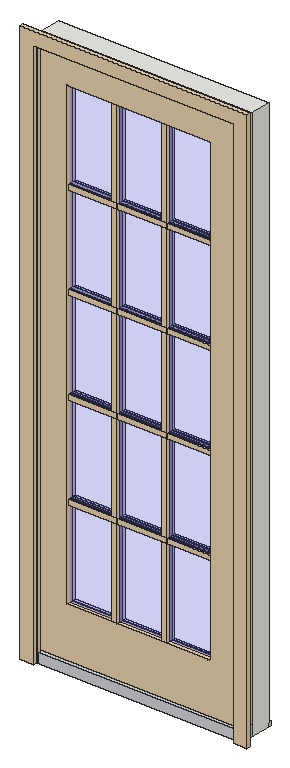
Revit family "Door-Inswing-Andersen-A_Series-Stationary 3", category Doors, host Wall, Revit 2013
Parameters
  Visual Light Transmittance = 0.37  # constant formula
  Type Comments = "Fiberglass-clad and Flexacron finished wood single door"  # constant formula
  Thermal Resistance (R) = 0.58703  # 3.3333 (h·ft²·°F)/BTU
  Solar Heat Gain Coefficient = 0.16  # constant formula
  Rough Width = Width + (Rough Opening Offset * 2)  # 3' - 0 3/4"
  Rough Height = if(1 > 0, Height + 0' 0 1/2", 0' 0")  # 8' - 0 1/2"
  Learn About These Parameters = "http://www.andersenwindows.com/for-professionals/cad-symbols-bim-support-window-doors/bim-support"
  Heat Transfer Coefficient (U) = 1.7035  # 0.3000 BTU/(h·ft²·°F)
  Grille Bar Sizes = "3/4'', 7/8'', 1 1/8'', 2 1/4''"  # constant formula
  Between Glass Grille Bar Sizes = "3/4'', 1''"  # constant formula
  Interior Trim Visibility = yes
  Grille Bar Size = 0' - 0 7/8"
  Enter Pattern Number = 1
  Analytic Construction = "<None>"
  ..Pattern Number 1 = "Colonial"  # constant formula
  . . Lights Wide = 3
  . . Lights High = 5
  ..Pattern Number 2 = "Modified Colonial"  # constant formula
  ..Pattern Number 3 = "Prairie"  # constant formula
  ..Pattern Number 4 = "Short Fractional"  # constant formula
  ..Pattern Number 5 = "Tall Fractional"  # constant formula
  Extension Jamb Visibility = yes
  Enter Exterior Trim Number = 0
  ..Exterior Trim Number 0 = "No Exterior Trim"  # constant formula
  ..Exterior Trim Number 1 = "Brick Mould"  # constant formula
  ..Exterior Trim Number 2 = "3 1/2'' Flat Casing"  # constant formula
  ..Exterior Trim Number 3 = "4 1/2'' Flat Casing"  # constant formula
  Interior Grille Bar Visibility = yes
  Exterior Grille Bar Visibility = yes
  Between Glass Grille Bar Visibility = yes
  xjamb Visibility [instance] = and(Extension Jamb Visibility, or(and(Wall Depth > 0' 4 9/16", Wall Depth < 0' 6 9/16"), Wall Depth > 0' 6 9/16"))  # no
  xjamb S1 [instance] = if(Wall Depth < 0' 4 5/8", 0' 0 1/16", if(Wall Depth = 0' 6 9/16", 0' 0 1/16", 0' 0"))  # 0' - 0 1/16"
  casingS2 = if(Enter Exterior Trim Number = 1, 0' 0 3/16", 0' 0 3/16")  # 0' - 0 3/16"
  casingS1 = if(Enter Exterior Trim Number = 1, 0' 0 7/16", 0' 0 3/16")  # 0' - 0 3/16"
  casing4 = if(Enter Exterior Trim Number = 1, 0' 1 3/4", if(Enter Exterior Trim Number = 2, 0' 3 1/4", 0' 4 1/4"))  # 0' - 4 1/4"
  casing3 = 0' - 0 1/2"  # constant formula
  casing2 = 0' - 0 7/8"  # constant formula
  casing1 = 0' - 0 1/4"  # constant formula
  Wall Thickness [instance] = 0' - 8"
  Wall Depth [instance] = 0' - 4 9/16"
  Void Offset 1 [instance] = if(Enter Exterior Trim Number > 0, casing4, 0' 0")  # 0' - 0"
  Void Depth [instance] = if(Wall Thickness > Wall Depth, 0' 1" + Wall Thickness - Wall Depth, 0' 1")  # 0' - 4 7/16"
  VGB DLO = if(Enter Pattern Number = 3, 0' 4", (H DLO - (Grille Bar Size * (V Bars))) / if(LWide > 2, LWide, 3))  # 0' - 7.66667"
  V Bars = if(Enter Pattern Number = 3, 2, if(LWide > 2, LWide - 1, 2))  # 2
  URL = "www.andersenwindows.com"
  TS V DLO = Height - HGO - SGO  # 6' - 7 7/8"
  TS V Bar Length = if(or(Enter Pattern Number = 5, Enter Pattern Number = 2), ((((Height - HGO - SGO - (Grille Bar Size * (Fractional Lights High - 1))) / Fractional Lights High)) * TFL) + (TFB * Grille Bar Size), if(Enter Pattern Number = 4, ((Height - HGO - SGO - (Grille Bar Size * (Fractional Lights High - 1))) / Fractional Lights High), Height - HGO - SGO))  # 6' - 7 7/8"
  TS SH DLO = if(or(Enter Pattern Number = 5, Enter Pattern Number = 2), ((((Height - HGO - SGO - (Grille Bar Size * (Fractional Lights High - 1))) / Fractional Lights High)) * TFL) + (TFB * Grille Bar Size) + HGO + (Grille Bar Size / 2), if(Enter Pattern Number = 4, TS V Bar Length + HGO + (Grille Bar Size / 2), (TS V DLO / 2) + HGO))  # 3' - 9 9/16"
  TS S V = or(and(LWide = 2, Enter Pattern Number = 1), and(Fractional Lights Wide = 2, or(or(Enter Pattern Number = 2, Enter Pattern Number = 4), Enter Pattern Number = 5)))  # no
  TS S H Craftsman = and(Enter Pattern Number = 2, or(Fractional Lights High = 4, Fractional Lights High = 5))  # no
  TS S H = or(or(or(and(. . Lights High = 2, Enter Pattern Number = 1), and(Enter Pattern Number = 4, Fractional Lights High > 1)), and(Enter Pattern Number = 5, Fractional Lights High > 1)), and(Enter Pattern Number = 2, Fractional Lights High > 1))  # no
  TS M V = or(or(or(or(or(and(LWide > 2, Enter Pattern Number = 1), and(LWide > 2, Enter Pattern Number = 2)), Enter Pattern Number = 3), Enter Pattern Number = 4), Enter Pattern Number = 5), and(LWide > 2, Enter Pattern Number = 6))  # yes
  TS M H = or(or(Enter Pattern Number = 3, and(. . Lights High > 2, Enter Pattern Number = 1)), and(Enter Pattern Number = 2, Fractional Lights High > 5))  # yes
  TS HGB DLO = if(Enter Pattern Number = 1, if(. . Lights High > 2, ((TS V Bar Length - (Grille Bar Size * (. . Lights High - 1))) / . . Lights High), 0' 4"), if(Enter Pattern Number = 3, 0' 4", if(Fractional Lights High > 2, ((TS V Bar Length - (Grille Bar Size * 2)) / 3), 0' 4")))  # 1' - 3.275"
  TS H Bars = if(Enter Pattern Number = 3, 2, if(Enter Pattern Number = 1, if(. . Lights High > 2, . . Lights High - 1, 2), 2))  # 4
  TFL = if(Fractional Lights High > 5, 3, if(or(Fractional Lights High = 4, Fractional Lights High = 5), 2, if(or(Fractional Lights High = 2, Fractional Lights High = 3), 1, 1)))  # 3
  TFB = TFL - 1  # 2
  Sill Interior Offset [instance] = 0' - 0"  # constant formula
  Sill Height [instance] = 0' - 1 11/16"  # constant formula
  Rough Opening Offset = 0' - 0 3/8"
  Panel Bottom Inset [instance] = 0' - 1 7/8"  # constant formula
  Sill Depth [instance] = 0' - 6 7/32"  # constant formula
  SGO = 0' - 10 1/2"  # constant formula
  Product Documentation Link = "http://www.andersenwindows.com/products/a-series-hinged-patio-door/"
  Panel Width = Width - 0' 1 3/16" - 0' 1 3/16"  # 2' - 9 5/8"
  Panel Height [instance] = CTRL Height - 0' 1 3/16" - Panel Bottom Inset  # 7' - 8 15/16"
  Nail Fin Visibility = Enter Exterior Trim Number = 0  # yes
  Model = "A-Series"  # constant formula
  Masonry Width = if(Enter Exterior Trim Number > 0, Width + ((casing4 + Masonry Opening Offset) * 2), Width + (Masonry Opening Offset * 2))  # 3' - 0 3/4"
  Masonry Opening Offset = 0' - 0 3/8"
  Masonry Height = if(Enter Exterior Trim Number > 0, Height + (casing4 + 0' 0 1/2"), Height + 0' 0 1/2")  # 8' - 0 1/2"
  Manufacturer = "Andersen Corporation"  # constant formula
  LWide = if(Enter Pattern Number = 3, 3, if(Enter Pattern Number = 1, . . Lights Wide, Fractional Lights Wide))  # 3
  JGO = 0' - 5 5/8"  # constant formula
  Is Outswing = 1 = 1  # yes
  Interior Unit Finish = Wood - Andersen - Pine
  Interior Trim Size = 0' - 2 1/4"
  HGO = 0' - 5 5/8"  # constant formula
  H DLO = Width - (JGO * 2)  # 2' - 0 3/4"
  Glazing Material = Glass ‐ Andersen - Low-E4 SmartSun
  Function = Exterior
  Height = 8' - 0"
  Wall Closure = By host
  Width = 3' - 0"
  Frame Interior Inset [instance] = 0' - 0"  # constant formula
  Frame Depth [instance] = if(Wall Depth > 0' 6 1/2", 0' 7 7/8", 0' 5 7/8")  # 0' - 5 7/8"
  Fractional Lights Wide = 4
  Fractional Lights High = 6
  Family Version = "01.01.15"  # constant formula
  Exterior Unit Finish = Fiberglass - Andersen - White
  Exterior Trim Finish = Fibrex Composite - Andersen - White
  Designation = "FWHID"
  Description = "Fiberglass-clad and Flexacron finished wood single door"  # constant formula
  Coarse Plan [instance] = if(Wall Depth > Wall Thickness, Wall Thickness, Wall Depth)  # 0' - 4 9/16"
  Casing Visibility [instance] = Enter Exterior Trim Number > 0  # no
  CTRL Height [instance] = Height  # 8' - 0"
  Between Glass Grille Bar Finish = Stainless Steel - Andersen - Standard
  BS V DLO = Height - HGO - SGO  # 6' - 7 7/8"
  BS SH DLO = if(Enter Pattern Number = 5, SGO + 0' 4" + (Grille Bar Size / 2), (BS V DLO / 2) + SGO)  # 4' - 2 7/16"
  BS S V = and(LWide = 2, Enter Pattern Number = 1)  # no
  BS M V = or(or(and(LWide > 2, Enter Pattern Number = 1), Enter Pattern Number = 3), Enter Pattern Number = 5)  # yes
  Assembly Code = "B2030100"
Reference planes (in)
  plane 1 "Center (Front/Back)": y = 0
  plane 2 "Center (Left/Right)": x = 0
  plane 3 "R Frame": x = -18
  plane 4 "L Frame": x = 18
  plane 5 "T Frame": z = 96
  plane 6 "Wall S1": y = 4
  plane 7 "Wall S2": y = -4
  plane 8 "Interior Casing": y = -4.625
  plane 9 "Frame S2": y = -4
  plane 10 "Flange": y = 0.5625
  plane 11 "Casing S2": y = 2.0625
  plane 12 "Casing S1": y = 2.0625
  plane 13 "Exterior Offset": y = 5
  plane 14 "R Rough Opening": x = -18.375
  plane 15 "R Casing 1": x = -17.75
  plane 16 "R Casing 2": x = -21.375
  plane 17 "R Casing 3": x = -21.75
  plane 18 "R Casing 4": x = -22.25
  plane 19 "R Masonry Opening": x = -18.375
  plane 20 "L Masonry Opening": x = 18.375
  plane 21 "L Casing 4": x = 22.25
  plane 22 "L Casing 3": x = 21.75
  plane 23 "L Casing 2": x = 21.375
  plane 24 "L Casing 1": x = 17.75
  plane 25 "L Rough Opening": x = 18.375
  plane 26 "T Rough Opening": z = 96.5
  plane 27 "T Casing 1": z = 95.75
  plane 28 "T Casing 2": z = 99.375
  plane 29 "T Casing 3": z = 99.75
  plane 30 "T Casing 4": z = 100.25
  plane 31 "T Masonry Opening": z = 96.5
  plane 32 "R Int Casing": x = -19.5
  plane 33 "R Xjamb 2": x = -17.875
  plane 34 "R Ext Frame": x = -17.25
  plane 35 "L Int Casing": x = 19.5
  plane 36 "L Xjamb 2": x = 17.875
  plane 37 "L Ext Frame": x = 17.25
  plane 38 "T Int Casing": z = 97.5
  plane 39 "T Xjamb 2": z = 95.875
  plane 40 "T Ext Frame": z = 95.25
  plane 41 "L Panel": x = 16.828
  plane 42 "R Panel": x = -16.828
  plane 43 "T Panel": z = 94.828
  plane 44 "B Panel": z = 1.8905
  plane 45 "B Glazing": z = 10.5
  plane 46 "T Glazing": z = 90.375
  plane 47 "L Glazing": x = 12.375
  plane 48 "R Glazing": x = -12.375
  plane 49 "Panel1 S1": y = -1.81238
  plane 50 "Panel1 S2": y = -3.53138
  plane 51 "Xjamb S1": y = -3.9375
  plane 52 "Frame S1": y = 1.875
  plane 53 "L Stop": x = 15.89521
  plane 54 "R Stop": x = -15.89521
  plane 55 "T Stop": z = 93.90223
  plane 56 "Sill Height": z = 1.6875
  plane 57 "Glass1 S1": y = -2.22528
  plane 58 "Glass1 S3": y = -2.86638
  plane 59 "Glass1 S2": y = -2.35028
  plane 60 "Glass1 S4": y = -2.99138
  plane 61 "Vert Bar length": z = 10.5
  plane 62 "L Xjamb 1": x = 17.25
  plane 63 "R Xjamb S1": x = -17.25
  plane 64 "T Xjamb S1": z = 95.25
  plane 65 "R Int Frame": x = -16.984
  plane 66 "L Int Frame": x = 16.984
  plane 67 "Frame S1.1": y = 0.6795
  plane 68 "T Int Frame": z = 94.984
  plane 69 "B Ext Frame": z = 0.748
  plane 70 "B Stop": z = 2.45642
  plane 71 "Sill S1": y = 2.205
  plane 72 "R Ext Frame 2": x = -16.75
  plane 73 "Stop S1": y = -1.1565
  plane 74 "L Ext Frame 2": x = 16.75
  plane 75 "T Ext Frame 2": z = 94.75
Forms (in)
  Extrusion 1, void
    sketch origin (0, 0, 0) x (1, 0, 0) y (0, 0, 1)
      loop
        line (18, 96) -> (-18, 96) -> (-18, 0) -> (18, 0) -> (18, 96)
    from -0.5625 to 4
  Extrusion 2, void
    sketch origin (0, 0, 0) x (1, 0, 0) y (0, 0, 1)
      loop
        line (18, 96) -> (-18, 96) -> (-18, 0) -> (18, 0) -> (18, 96)
    from -30 to -0.5625
  Sweep 3, solid, material "Fibrex Composite - Andersen - White" <- "Exterior Trim Finish", visible <- "Casing Visibility", detail levels medium+fine
    path origin (0, 0.5625, 0) x (-1, 0, 0) y (0, 0, 1)
      loop
        line (-22.25, 0) -> (-22.25, 100.25) -> (22.25, 100.25) -> (22.25, 0)
    profile origin (22.25, 0.5625, 50.125) x (1, 0, 0) y (0, 1, 0)
      loop
        line (-0.875, 1.5) -> (-4.5, 1.5) -> (-4.5, 0) -> (0, 0) -> (0, 1.5) -> (-0.5, 1.5) -> (-0.875, 1.5)
  Extrusion 4, solid, material "Fibrex Composite - Andersen - White" <- "Exterior Trim Finish", visible <- "Casing Visibility", detail levels coarse
    sketch origin (0, 0.5625, 0) x (-1, 0, 0) y (0, 0, 1)
      loop
        line (-17.75, 95.75) -> (17.75, 95.75) -> (17.75, 0) -> (22.25, 0) -> (22.25, 100.25) -> (-22.25, 100.25) -> (-22.25, 0) -> (-17.75, 0) -> (-17.75, 95.75)
    from 0 to 1.4375
  Extrusion 5, solid, material "Wood - Andersen - Pine" <- "Interior Unit Finish", visible <- "Interior Trim Visibility", detail levels fine
    sketch origin (0, 0, 0) x (1, 0, 0) y (0, 0, 1)
      loop
        line (-17.25, 95.25) -> (17.25, 95.25) -> (17.25, 0) -> (19.5, 0) -> (19.5, 97.5) -> (-19.5, 97.5) -> (-19.5, 0) -> (-17.25, 0) -> (-17.25, 95.25)
    from 4 to 4.625
  Extrusion 6, solid, material "Wood - Andersen - Pine" <- "Interior Unit Finish", visible <- "xjamb Visibility", detail levels medium+fine
    sketch origin (0, 0, 0) x (1, 0, 0) y (0, 0, 1)
      loop
        line (-17.875, 0) -> (-17.25, 0) -> (-17.25, 95.25) -> (17.25, 95.25) -> (17.25, 0) -> (17.875, 0) -> (17.875, 95.875) -> (-17.875, 95.875) -> (-17.875, 0)
    from 3.9375 to 4
  Sweep 7, void
    path origin (4.25, 0.5625, 0) x (-1, 0, 0) y (0, 0, 1)
      loop
        line (4.25, 0) -> (4.25, 10.5)
    profile origin (0, 0.5625, 5.25) x (1, 0, 0) y (0, 1, 0)
      loop
        line (18, -2.37488) -> (18, 1.3125) -> (17.25, 1.3125) -> (17.25, 0.117) -> (16.75, 0.117) -> (16.75, -1.719) -> (15.89521, -1.719) -> (15.89521, -2.37488) -> (18, -2.37488)
      loop
        line (-18, -2.37488) -> (-15.89521, -2.37488) -> (-15.89521, -1.719) -> (-16.75, -1.719) -> (-16.75, 0.117) -> (-17.25, 0.117) -> (-17.25, 1.3125) -> (-18, 1.3125) -> (-18, -2.37488)
  Sweep 8, solid, material "Fiberglass - Andersen - White" <- "Exterior Unit Finish", detail levels medium+fine
    path in 3D
      loop
        line (18, 0.5625, 0) -> (18, 0.5625, 96) -> (-18, 0.5625, 96) -> (-18, 0.5625, 0)
    profile origin (18, 0.5625, 48) x (1, 0, 0) y (0, 1, 0)
      loop
        line (0, 1.3125) -> (-0.75, 1.3125) -> (-0.75, 0.117) -> (-1.25, 0.117) -> (-1.25, -1.719) -> (-2.10479, -1.719) -> (-2.10479, -2.37488) -> (0, -2.37488) -> (0, 1.3125)
  Sweep 9, solid, material "Wood - Andersen - Pine" <- "Interior Unit Finish"
    path in 3D
      loop
        line (18, 0.5625, 0) -> (18, 0.5625, 96) -> (-18, 0.5625, 96) -> (-18, 0.5625, 0)
    profile origin (18, 0.5625, 48) x (1, 0, 0) y (0, 1, 0)
      loop
        line (0, -2.37488) -> (-1.016, -2.37488) -> (-1.016, -4.5625) -> (0, -4.5625) -> (0, -2.37488)
  Extrusion 10, solid, material "Fiberglass - Andersen - White" <- "Exterior Unit Finish"
    sketch origin (0, 0.5625, 0) x (-1, 0, 0) y (0, 0, 1)
      loop
        line (-16.828, 94.828) -> (-16.828, 1.8905) -> (16.828, 1.8905) -> (16.828, 94.828) -> (-16.828, 94.828)
      loop
        line (-12.375, 90.375) -> (-12.375, 10.5) -> (12.375, 10.5) -> (12.375, 90.375) -> (-12.375, 90.375)
    from -2.78778 to -2.37488
  Extrusion 11, solid, material "Wood - Andersen - Pine" <- "Interior Unit Finish"
    sketch origin (0, 0.5625, 0) x (-1, 0, 0) y (0, 0, 1)
      loop
        line (-16.828, 94.828) -> (-16.828, 1.8905) -> (16.828, 1.8905) -> (16.828, 94.828) -> (-16.828, 94.828)
      loop
        line (-12.375, 90.375) -> (-12.375, 10.5) -> (12.375, 10.5) -> (12.375, 90.375) -> (-12.375, 90.375)
    from -4.09388 to -2.78778
  Extrusion 12, solid, material "Glass ‐ Andersen - Low-E4 SmartSun" <- "Glazing Material"
    sketch origin (0, 0.5625, 0) x (-1, 0, 0) y (0, 0, 1)
      loop
        line (-12.375, 90.375) -> (-12.375, 10.5) -> (12.375, 10.5) -> (12.375, 90.375) -> (-12.375, 90.375)
    from -3.55388 to -2.78778
  Extrusion 13, solid, detail levels coarse
    sketch origin (0, 0, 0) x (0, 1, 0) y (0, 0, 1)
      loop
        line (1.875, 1.8905) -> (-2.22528, 1.8905) -> (-2.22528, 0) -> (1.875, 0) -> (1.875, 1.8905)
    from -18 to 18
  Extrusion 14, solid, detail levels medium+fine
    sketch origin (0, 0, 0) x (0, 1, 0) y (0, 0, 1)
      loop
        line (2.205, 0.748) -> (0.6795, 0.748) -> (0.6795, 1.6875) -> (-1.81238, 1.6875) -> (-1.81238, 1.8905) -> (-2.22528, 1.8905) -> (-2.22528, 0) -> (2.205, 0) -> (2.205, 0.748)
    from -18 to 18
  Extrusion 15, solid
    sketch origin (0, 0, 0) x (0, 1, 0) y (0, 0, 1)
      loop
        line (-2.22528, 1.6875) -> (-4, 1.6875) -> (-4, 0) -> (-2.22528, 0) -> (-2.22528, 1.6875)
    from -18 to 18
  Extrusion 16, solid, material "Fiberglass - Andersen - White" <- "Exterior Unit Finish", detail levels coarse
    sketch origin (0, 0.5625, 0) x (-1, 0, 0) y (0, 0, 1)
      loop
        line (-18, 96) -> (-18, 1.8905) -> (-15.89521, 1.8905) -> (-15.89521, 93.90223) -> (15.89521, 93.90223) -> (15.89521, 1.8905) -> (18, 1.8905) -> (18, 96) -> (-18, 96)
    from -2.37488 to 1.3125
Cuts and joins
  Sweep 7 cuts Extrusion 14
Lines and regions (in)
  Masking region 1, visible <- "Casing Visibility"
    outline origin (0, 0, 0) x (0, 1, 0) y (0, 0, 1)
      loop
        line (0.5625, 96) -> (1.875, 96) -> (1.875, 0) -> (2.0625, 0) -> (2.0625, 100.25) -> (0.5625, 100.25) -> (0.5625, 96)
  Masking region 2
    outline origin (0, 0, 0) x (0, 1, 0) y (0, 0, 1)
      loop
        line (1.875, 96) -> (-4, 96) -> (-4, 0) -> (2.205, 0) -> (2.205, 0.748) -> (1.875, 0.748) -> (1.875, 96)
  Masking region 3, visible <- "Casing Visibility", detail levels fine
    outline origin (0, 0, 0) x (1, 0, 0) y (0, 1, 0)
      loop
        line (-21.75, 2.0625) -> (-22.25, 2.0625) -> (-22.25, 0.5625) -> (-18, 0.5625) -> (-18, 1.875) -> (-17.75, 1.875) -> (-17.75, 2.0625) -> (-21.375, 2.0625) -> (-21.75, 2.0625)
  Masking region 4, visible <- "Casing Visibility", detail levels fine
    outline origin (0, 0, 0) x (1, 0, 0) y (0, 1, 0)
      loop
        line (21.75, 2.0625) -> (21.375, 2.0625) -> (17.75, 2.0625) -> (17.75, 1.875) -> (18, 1.875) -> (18, 0.5625) -> (22.25, 0.5625) -> (22.25, 2.0625) -> (21.75, 2.0625)
  Masking region 5, visible <- "Casing Visibility", detail levels coarse+medium
    outline origin (0, 0, 0) x (1, 0, 0) y (0, 1, 0)
      loop
        line (-22.25, 2.0625) -> (-22.25, 0.5625) -> (-18, 0.5625) -> (-18, 2.0625) -> (-22.25, 2.0625)
  Masking region 6, visible <- "Casing Visibility", detail levels coarse+medium
    outline origin (0, 0, 0) x (1, 0, 0) y (0, 1, 0)
      loop
        line (18, 2.0625) -> (18, 0.5625) -> (22.25, 0.5625) -> (22.25, 2.0625) -> (18, 2.0625)
  Masking region 7, visible <- "Casing Visibility"
    outline origin (0, 2.625, 0) x (-1, 0, 0) y (0, 0, 1)
      loop
        line (-22.25, 100.25) -> (-22.25, 0) -> (-18, 0) -> (-18, 96) -> (18, 96) -> (18, 0) -> (22.25, 0) -> (22.25, 100.25) -> (-22.25, 100.25)
  Masking region 8, visible <- "Interior Trim Visibility", detail levels fine
    outline origin (0, -4.625, 0) x (-1, 0, 0) y (0, 0, 1)
      loop
        line (-19.5, 97.5) -> (-19.5, 0) -> (-17.25, 0) -> (-17.25, 95.25) -> (17.25, 95.25) -> (17.25, 0) -> (19.5, 0) -> (19.5, 97.5) -> (-19.5, 97.5)
  Masking region 9
    outline origin (0, 0.6795, 0) x (-1, 0, 0) y (0, 0, 1)
      loop
        line (-18, 96) -> (-18, 0) -> (18, 0) -> (18, 96) -> (-18, 96)
      loop
        line (-16.828, 94.828) -> (-16.828, 1.8905) -> (16.828, 1.8905) -> (16.828, 94.828) -> (-16.828, 94.828)
  Masking region 10, not visible
    outline origin (0, 0.5625, 0) x (-1, 0, 0) y (0, 0, 1)
      loop
        line (-16.828, 94.828) -> (-16.828, 1.8905) -> (16.828, 1.8905) -> (16.828, 94.828) -> (-16.828, 94.828)
  Masking region 11, visible <- "Interior Trim Visibility", detail levels fine
    outline origin (0, 0, 0) x (1, 0, 0) y (0, 1, 0)
      loop
        line (-19.5, -4) -> (-19.5, -4.625) -> (-17.25, -4.625) -> (-17.25, -4) -> (-19.5, -4)
  Masking region 12, visible <- "xjamb Visibility", detail levels medium+fine
    outline origin (0, 0, 0) x (1, 0, 0) y (0, 1, 0)
      loop
        line (-17.875, -3.9375) -> (-17.875, -4) -> (-17.25, -4) -> (-17.25, -3.9375) -> (-17.875, -3.9375)
  Masking region 13, visible <- "Interior Trim Visibility", detail levels fine
    outline origin (0, 0, 0) x (1, 0, 0) y (0, 1, 0)
      loop
        line (17.25, -4) -> (17.25, -4.625) -> (19.5, -4.625) -> (19.5, -4) -> (17.25, -4)
  Masking region 14, visible <- "xjamb Visibility", detail levels medium+fine
    outline origin (0, 0, 0) x (1, 0, 0) y (0, 1, 0)
      loop
        line (17.25, -3.9375) -> (17.25, -4) -> (17.875, -4) -> (17.875, -3.9375) -> (17.25, -3.9375)
  Masking region 15, visible <- "xjamb Visibility", detail levels medium+fine
    outline origin (0, 0, 0) x (0, 1, 0) y (0, 0, 1)
      loop
        line (-3.9375, 95.875) -> (-4, 95.875) -> (-4, 0) -> (-3.9375, 0) -> (-3.9375, 95.875)
  Masking region 16, visible <- "Interior Trim Visibility", detail levels fine
    outline origin (0, 0, 0) x (0, 1, 0) y (0, 0, 1)
      loop
        line (-4, 97.5) -> (-4.625, 97.5) -> (-4.625, 0) -> (-4, 0) -> (-4, 97.5)
  Masking region 17
    outline origin (0, 0, 0) x (1, 0, 0) y (0, 1, 0)
      loop
        line (-18, 1.875) -> (-18, -4) -> (18, -4) -> (18, 1.875) -> (-18, 1.875)
  symbolic lines, style "DoorsFrameMullionProjection", visible <- "Casing Visibility", detail levels medium+fine
    curve 1: line (0, 2.0625, 99.75) -> (0, 2.0625, 99.375)
    curve 2: line (0, 2.0625, 99.375) -> (0, 2.0625, 95.75)
    curve 3: line (0, 2.0625, 95.75) -> (0, 1.875, 95.75)
  symbolic lines, style "DoorsFrameMullionProjection", detail levels coarse
    curve 4: line (0, 1.875, 96) -> (0, 2.0625, 96)
    curve 68: line (-16.984, 1.875, 0) -> (-16.984, -4, 0)
    curve 69: line (16.984, 1.875, 0) -> (16.984, -4, 0)
  symbolic lines, style "DoorsFrameMullionProjection", visible <- "Nail Fin Visibility", detail levels medium+fine
    curve 5: line (19.625, 0.5625, 0) -> (18, 0.5625, 0)
    curve 6: line (0, 0.5625, 96.34025) -> (0, 0.5625, 96)
  symbolic lines, style "DoorsGlassProjection", detail levels fine
    curve 7: line (0, -2.86638, 10.5) -> (0, -2.86638, 90.375)
    curve 8: line (0, -2.35028, 10.5) -> (0, -2.35028, 90.375)
    curve 11: line (12.375, -2.35028, 0) -> (-12.375, -2.35028, 0)
    curve 12: line (12.375, -2.86638, 0) -> (-12.375, -2.86638, 0)
    curve 75: line (-13.1405, -2.86588, 0) -> (-12.375, -2.86588, 0)
    curve 76: line (-12.375, -2.34978, 0) -> (-13.1405, -2.34978, 0)
    curve 77: line (-12.5, -2.34978, 0) -> (-12.5, -2.86588, 0)
    curve 101: line (13.1405, -2.86588, 0) -> (12.375, -2.86588, 0)
    curve 102: line (12.375, -2.34978, 0) -> (13.1405, -2.34978, 0)
    curve 103: line (12.5, -2.34978, 0) -> (12.5, -2.86588, 0)
    curve 116: line (0, -2.86588, 90.5) -> (0, -2.34978, 90.5)
    curve 117: line (0, -2.86588, 91.125) -> (0, -2.86588, 90.375)
    curve 118: line (0, -2.34978, 91.125) -> (0, -2.34978, 90.375)
    curve 145: line (0, -2.86713, 10.375) -> (0, -2.35104, 10.375)
    curve 146: line (0, -2.86713, 9.75) -> (0, -2.86713, 10.5)
    curve 147: line (0, -2.35104, 9.75) -> (0, -2.35104, 10.5)
  symbolic lines, style "DoorsGlassProjection"
    curve 9: line (0, -2.99138, 10.5) -> (0, -2.99138, 90.375)
    curve 10: line (0, -2.22528, 10.5) -> (0, -2.22528, 90.375)
  symbolic lines, style "DoorsGlassProjection", detail levels medium+fine
    curve 13: line (12.375, -2.22528, 0) -> (-12.375, -2.22528, 0)
    curve 14: line (12.375, -2.99138, 0) -> (-12.375, -2.99138, 0)
  symbolic lines, style "DoorsPanelProjection"
    curve 15: line (12.375, -1.81238, 90.375) -> (-12.375, -1.81238, 90.375)
    curve 16: line (12.375, -1.81238, 10.5) -> (12.375, -1.81238, 90.375)
    curve 17: line (-12.375, -1.81238, 10.5) -> (12.375, -1.81238, 10.5)
    curve 18: line (-12.375, -1.81238, 90.375) -> (-12.375, -1.81238, 10.5)
  symbolic lines, style "DoorsFrameMullionProjection", visible <- "xjamb Visibility", detail levels medium+fine
    curve 19: line (0, -3.9375, 95.25) -> (0, -4, 95.25)
  symbolic lines, style "DoorsFrameMullionProjection", visible <- "Interior Trim Visibility", detail levels fine
    curve 20: line (0, -4, 95.25) -> (0, -4.625, 95.25)
  symbolic lines, style "DoorsFrameMullionProjection"
    curve 21: line (0, 0.5625, 97.625) -> (0, 0.5625, 96)
    curve 22: line (0, 1.5605, 95.516) -> (0, 1.8745, 95.516)
    curve 23: line (0, 1.5605, 95.25) -> (0, 1.5605, 95.516)
    curve 24: line (0, 1.5605, 95.25) -> (0, 0.6795, 95.25)
    curve 25: line (0, 0.6795, 94.75) -> (0, 0.6795, 95.25)
    curve 31: line (0, 0.68037, 0.8279) -> (0, 2.205, 0.748)
    curve 32: line (0, 2.205, 0.748) -> (0, 2.205, 0)
    curve 66: line (-16.984, -1.81238, 0) -> (16.984, -1.81238, 0)
    curve 67: line (-16.984, -3.53138, 0) -> (16.984, -3.53138, 0)
    curve 70: line (0, -1.81238, 93.90223) -> (0, -1.81238, 2.45642)
    curve 71: line (0, -3.53138, 94.984) -> (0, -3.53138, 1.6875)
    curve 119: line (0, -4, 94.984) -> (0, -1.81178, 94.984)
    curve 120: line (0, -1.81178, 93.90223) -> (0, -1.156, 94.27388)
    curve 121: line (0, -1.81178, 93.90223) -> (0, -1.81178, 94.984)
    curve 122: line (0, -2.13604, 90.375) -> (0, -1.81188, 90.48508)
    curve 123: line (0, -2.22478, 90.375) -> (0, -2.13604, 90.375)
    curve 124: line (0, -2.22478, 91.125) -> (0, -2.22478, 90.375)
    curve 125: line (0, -3.53088, 91.125) -> (0, -2.22478, 91.125)
    curve 126: line (0, -3.07088, 90.375) -> (0, -2.99088, 90.375)
    curve 127: line (0, -3.53088, 90.766) -> (0, -3.07088, 90.375)
    curve 128: line (0, -2.99088, 90.375) -> (0, -2.99088, 91.125)
    curve 129: line (0, -1.156, 94.27388) -> (0, -1.156, 94.75)
    curve 144: line (0, 0.6795, 94.75) -> (0, -1.1565, 94.75)
    curve 148: line (0, -4, 0) -> (0, -4, 1.6875)
    curve 149: line (0, -4, 1.6875) -> (0, -2.218, 1.6875)
    curve 150: line (0, -2.218, 1.6875) -> (0, -2.218, 2.45642)
    curve 151: line (0, -2.218, 2.15538) -> (0, -1.93822, 2.15538)
    curve 152: line (0, -1.93822, 2.15538) -> (0, -1.77973, 1.55005)
    curve 153: line (0, -1.81228, 2.45642) -> (0, -2.218, 2.45642)
    curve 154: line (0, -2.13679, 10.5) -> (0, -1.81263, 10.38992)
    curve 155: line (0, -2.22554, 10.5) -> (0, -2.13679, 10.5)
    curve 156: line (0, -2.22554, 9.75) -> (0, -2.22554, 10.5)
    curve 157: line (0, -3.53213, 9.75) -> (0, -2.22554, 9.75)
    curve 158: line (0, -2.99163, 9.75) -> (0, -2.99163, 10.5)
    curve 159: line (0, -2.99163, 10.5) -> (0, -3.07163, 10.5)
    curve 160: line (0, -3.07163, 10.5) -> (0, -3.53213, 10.10858)
    curve 177: line (0, -1.77973, 1.55005) -> (0, 0.6795, 1.29693)
    curve 178: line (0, 0.6795, 1.29693) -> (0, 0.6795, 0.82795)
  symbolic lines, style "DoorsFrameMullionProjection", not visible
    curve 26: line (0, -7.30228, 74.06559) -> (0, -7.30228, 72.44059)
    curve 27: line (0, -6.30428, 71.95659) -> (0, -5.99028, 71.95659)
    curve 28: line (0, -6.30428, 71.69059) -> (0, -6.30428, 71.95659)
    curve 29: line (0, -6.30428, 71.69059) -> (0, -7.18528, 71.69059)
    curve 30: line (0, -7.18528, 71.19059) -> (0, -7.18528, 71.69059)
    curve 33: line (0, -18.75692, 4.63198) -> (0, -17.23229, 4.55207)
    curve 34: line (0, -17.23229, 4.55207) -> (0, -17.23229, 3.80407)
    curve 133: line (0, -10.85488, 88.58449) -> (0, -8.66666, 88.58449)
    curve 134: line (0, -8.66666, 87.50272) -> (0, -8.01088, 87.87437)
    curve 135: line (0, -8.66666, 87.50272) -> (0, -8.66666, 88.58449)
    curve 136: line (0, -8.99092, 83.97549) -> (0, -8.66676, 84.08558)
    curve 137: line (0, -9.07966, 83.97549) -> (0, -8.99092, 83.97549)
    curve 138: line (0, -9.07966, 84.72549) -> (0, -9.07966, 83.97549)
    curve 139: line (0, -10.38576, 84.72549) -> (0, -9.07966, 84.72549)
    curve 140: line (0, -9.92576, 83.97549) -> (0, -9.84576, 83.97549)
    curve 141: line (0, -10.38576, 84.36649) -> (0, -9.92576, 83.97549)
    curve 142: line (0, -9.84576, 83.97549) -> (0, -9.84576, 84.72549)
    curve 143: line (0, -8.01088, 87.87437) -> (0, -8.01088, 88.35049)
    curve 164: line (0, -12.83947, 5.45411) -> (0, -12.83947, 7.14161)
    curve 165: line (0, -12.83947, 7.14161) -> (0, -11.05747, 7.14161)
    curve 166: line (0, -11.05747, 7.14161) -> (0, -11.05747, 7.91053)
    curve 167: line (0, -11.05747, 7.60949) -> (0, -10.77769, 7.60949)
    curve 168: line (0, -10.77769, 7.60949) -> (0, -10.6192, 7.00416)
    curve 169: line (0, -10.65176, 7.91053) -> (0, -11.05747, 7.91053)
    curve 170: line (0, -10.97626, 15.95411) -> (0, -10.6521, 15.84402)
    curve 171: line (0, -11.06501, 15.95411) -> (0, -10.97626, 15.95411)
    curve 172: line (0, -11.06501, 15.20411) -> (0, -11.06501, 15.95411)
    curve 173: line (0, -12.3716, 15.20411) -> (0, -11.06501, 15.20411)
    curve 174: line (0, -11.8311, 15.20411) -> (0, -11.8311, 15.95411)
    curve 175: line (0, -11.8311, 15.95411) -> (0, -11.9111, 15.95411)
    curve 176: line (0, -11.9111, 15.95411) -> (0, -12.3716, 15.56268)
  symbolic lines, style "DoorsFrameMullionProjection", detail levels medium+fine
    curve 35: line (-19.55, 0.5625, 0) -> (-18, 0.5625, 0)
    curve 43: line (19.55, 0.5625, 0) -> (18, 0.5625, 0)
  symbolic lines, style "DoorsFrameMullionProjection", detail levels fine
    curve 36: line (-17.516, 1.5605, 0) -> (-17.516, 1.8745, 0)
    curve 37: line (-17.25, 1.5605, 0) -> (-17.516, 1.5605, 0)
    curve 38: line (-17.25, 0.6795, 0) -> (-17.25, 1.5605, 0)
    curve 44: line (17.516, 1.5605, 0) -> (17.516, 1.8745, 0)
    curve 45: line (17.25, 1.5605, 0) -> (17.516, 1.5605, 0)
    curve 46: line (17.25, 0.6795, 0) -> (17.25, 1.5605, 0)
    curve 72: line (-16.75, 0.6795, 0) -> (-17.25, 0.6795, 0)
    curve 74: line (16.75, 0.6795, 0) -> (17.25, 0.6795, 0)
    curve 78: line (-15.89521, -1.81188, 0) -> (-16.27388, -1.156, 0)
    curve 79: line (-16.984, -4, 0) -> (-16.984, -1.81188, 0)
    curve 80: line (-12.375, -2.18168, 0) -> (-12.50058, -1.81188, 0)
    curve 81: line (-12.375, -2.22478, 0) -> (-12.375, -2.18168, 0)
    curve 82: line (-13.1405, -2.22478, 0) -> (-12.375, -2.22478, 0)
    curve 83: line (-13.1405, -3.53088, 0) -> (-13.1405, -2.22478, 0)
    curve 84: line (-13.1405, -2.99088, 0) -> (-12.375, -2.99088, 0)
    curve 85: line (-12.375, -3.05264, 0) -> (-12.7815, -3.53088, 0)
    curve 86: line (-12.375, -2.99088, 0) -> (-12.375, -3.05264, 0)
    curve 87: line (-16.75, -1.156, 0) -> (-16.27388, -1.156, 0)
    curve 104: line (15.89521, -1.81188, 0) -> (16.27388, -1.156, 0)
    curve 105: line (16.984, -4, 0) -> (16.984, -1.81188, 0)
    curve 106: line (12.375, -2.18168, 0) -> (12.50058, -1.81188, 0)
    curve 107: line (12.375, -2.22478, 0) -> (12.375, -2.18168, 0)
    curve 108: line (13.1405, -2.22478, 0) -> (12.375, -2.22478, 0)
    curve 109: line (13.1405, -3.53088, 0) -> (13.1405, -2.22478, 0)
    curve 110: line (13.1405, -2.99088, 0) -> (12.375, -2.99088, 0)
    curve 111: line (12.375, -3.05264, 0) -> (12.7815, -3.53088, 0)
    curve 112: line (12.375, -2.99088, 0) -> (12.375, -3.05264, 0)
    curve 113: line (16.75, -1.156, 0) -> (16.27388, -1.156, 0)
    curve 114: line (-16.75, 0.6795, 0) -> (-16.75, -1.1565, 0)
    curve 115: line (16.75, 0.6795, 0) -> (16.75, -1.1565, 0)
  symbolic lines, style "DoorsFrameMullionProjection", not visible, detail levels medium+fine
    curve 39: line (29.47212, 10.19686, 0) -> (27.92212, 10.19686, 0)
  symbolic lines, style "DoorsFrameMullionProjection", not visible, detail levels fine
    curve 40: line (27.43812, 11.19486, 0) -> (27.43812, 11.50886, 0)
    curve 41: line (27.17212, 11.19486, 0) -> (27.43812, 11.19486, 0)
    curve 42: line (27.17212, 10.31386, 0) -> (27.17212, 11.19486, 0)
    curve 73: line (26.67212, 10.31386, 0) -> (27.17212, 10.31386, 0)
    curve 91: line (-9.20391, -6.24383, 0) -> (-9.58258, -5.58795, 0)
    curve 92: line (-10.29269, -8.43195, 0) -> (-10.29269, -6.24383, 0)
    curve 93: line (-5.68369, -6.61363, 0) -> (-5.80928, -6.24383, 0)
    curve 94: line (-5.68369, -6.65673, 0) -> (-5.68369, -6.61363, 0)
    curve 95: line (-6.44919, -6.65673, 0) -> (-5.68369, -6.65673, 0)
    curve 96: line (-6.44919, -7.96283, 0) -> (-6.44919, -6.65673, 0)
    curve 97: line (-6.44919, -7.42283, 0) -> (-5.68369, -7.42283, 0)
    curve 98: line (-5.68369, -7.48459, 0) -> (-6.09019, -7.96283, 0)
    curve 99: line (-5.68369, -7.42283, 0) -> (-5.68369, -7.48459, 0)
    curve 100: line (-10.05869, -5.58795, 0) -> (-9.58258, -5.58795, 0)
  symbolic lines, style "DoorsFrameMullionProjection", detail levels medium
    curve 47: line (-16.75, 1.875, 0) -> (-16.75, -1.1565, 0)
    curve 48: line (-16.75, -1.1565, 0) -> (-15.89521, -1.1565, 0)
    curve 49: line (-15.89521, -1.1565, 0) -> (-15.89521, -1.81238, 0)
    curve 50: line (-16.984, -1.81238, 0) -> (-16.984, -4, 0)
    curve 51: line (-12.375, -1.81238, 0) -> (-12.375, -3.53138, 0)
    curve 52: line (16.75, 1.875, 0) -> (16.75, -1.1565, 0)
    curve 53: line (16.75, -1.1565, 0) -> (15.89521, -1.1565, 0)
    curve 54: line (15.89521, -1.1565, 0) -> (15.89521, -1.81238, 0)
    curve 55: line (16.984, -1.81238, 0) -> (16.984, -4, 0)
    curve 56: line (12.375, -1.81238, 0) -> (12.375, -3.53138, 0)
  model lines, style "InvisibleLines"
    curve 57: line (18, 0.5625, 0) -> (18, 0.5625, 96)
    curve 59: line (-18, 0.5625, 96) -> (-18, 0.5625, 0)
  model lines, style "InvisibleLines", detail levels fine
    curve 58: line (18, 0.5625, 96) -> (-18, 0.5625, 96)
  sketch lines
    curve 60: line (18, 0.5625, 0) -> (18, 0.5625, 96)
    curve 61: line (18, 0.5625, 96) -> (-18, 0.5625, 96)
    curve 62: line (-18, 0.5625, 96) -> (-18, 0.5625, 0)
    curve 63: line (18, 0.5625, 0) -> (18, 0.5625, 96)
    curve 64: line (18, 0.5625, 96) -> (-18, 0.5625, 96)
    curve 65: line (-18, 0.5625, 96) -> (-18, 0.5625, 0)
  symbolic lines, style "DoorsGlassProjection", not visible, detail levels fine
    curve 88: line (-6.44919, -7.29783, 0) -> (-5.68369, -7.29783, 0)
    curve 89: line (-5.68369, -6.78173, 0) -> (-6.44919, -6.78173, 0)
    curve 90: line (-5.80869, -6.78173, 0) -> (-5.80869, -7.29783, 0)
    curve 130: line (0, -9.72076, 84.10049) -> (0, -9.20466, 84.10049)
    curve 131: line (0, -9.72076, 84.72549) -> (0, -9.72076, 83.97549)
    curve 132: line (0, -9.20466, 84.72549) -> (0, -9.20466, 83.97549)
    curve 161: line (0, -11.7066, 15.82911) -> (0, -11.19051, 15.82911)
    curve 162: line (0, -11.7066, 15.20411) -> (0, -11.7066, 15.95411)
    curve 163: line (0, -11.19051, 15.20411) -> (0, -11.19051, 15.95411)
Text (in)
  text "Exterior" at (-74.96733, 27.31104, 0), in view "Ref. Level"
  text "Interior" at (-74.96733, -25.14366, 0), in view "Ref. Level"
  text "Exterior" at (0, 40.15149, 123.01588), in view "Right"
  text "Interior" at (0, -64.39139, 123.01588), in view "Right"
  text "Interior" at (0, -31.01599, 123.00693), in view "Left"
  text "Exterior" at (0, 54.57065, 123.00693), in view "Left"
Dimensions and locks (in)
  equal spacing: plane 3 "R Frame", plane 2 "Center (Left/Right)", plane 4 "L Frame"
  "CTRL Height": level to plane 5 "T Frame"
  "Width": plane 3 "R Frame" to plane 4 "L Frame"
  host wall to plane 5 "T Frame" = 8' - 0"
  locked: plane 8 "Interior Casing" to host wall at 0.625
  locked: plane 13 "Exterior Offset" to host wall at 1
  "Void Offset 1": plane 4 "L Frame" to Extrusion 2 sketch curve
  "Void Offset 1": plane 5 "T Frame" to Extrusion 2 sketch curve
  "Void Offset 1": Extrusion 2 sketch curve to plane 3 "R Frame"
  "casing1": plane 24 "L Casing 1" to plane 4 "L Frame"
  "Rough Opening Offset": plane 4 "L Frame" to plane 25 "L Rough Opening"
  "casing4": plane 4 "L Frame" to plane 21 "L Casing 4"
  "casing2": plane 23 "L Casing 2" to plane 21 "L Casing 4"
  "casing3": plane 22 "L Casing 3" to plane 21 "L Casing 4"
  "casing1": plane 3 "R Frame" to plane 15 "R Casing 1"
  "Rough Opening Offset": plane 14 "R Rough Opening" to plane 3 "R Frame"
  "casing4": plane 18 "R Casing 4" to plane 3 "R Frame"
  "casing2": plane 18 "R Casing 4" to plane 16 "R Casing 2"
  "casing3": plane 18 "R Casing 4" to plane 17 "R Casing 3"
  "casing1": plane 27 "T Casing 1" to plane 5 "T Frame"
  "casing4": plane 5 "T Frame" to plane 30 "T Casing 4"
  "casing2": plane 28 "T Casing 2" to plane 30 "T Casing 4"
  "casing3": plane 29 "T Casing 3" to plane 30 "T Casing 4"
  "Interior Trim Size": plane 40 "T Ext Frame" to plane 38 "T Int Casing"
  "xjamb S1": plane 51 "Xjamb S1" to plane 9 "Frame S2"
  "Void Depth": plane 13 "Exterior Offset" to Extrusion 2
  "Wall Thickness": host wall to host wall
  "Wall Depth": host wall to plane 10 "Flange"
  "Frame Depth": plane 52 "Frame S1" to plane 9 "Frame S2"
  "Panel Height": plane 44 "B Panel" to plane 43 "T Panel"
  "Sill Height": level to plane 56 "Sill Height"
  "HGO": plane 46 "T Glazing" to plane 5 "T Frame"
  "SGO": plane 45 "B Glazing" to level
  equal spacing: plane 61 "Vert Bar length", nested 3, plane 46 "T Glazing"
  "TS V Bar Length": plane 61 "Vert Bar length" to plane 46 "T Glazing"
  "JGO": plane 3 "R Frame" to plane 48 "R Glazing"
  "JGO": plane 47 "L Glazing" to plane 4 "L Frame"
  "TS SH DLO": nested 4 to plane 5 "T Frame"
  "casingS1": plane 12 "Casing S1" to plane 52 "Frame S1"
  "casingS2": plane 11 "Casing S2" to plane 52 "Frame S1"
  "Interior Trim Size": plane 62 "L Xjamb 1" to plane 35 "L Int Casing"
  "Interior Trim Size": plane 32 "R Int Casing" to plane 63 "R Xjamb S1"
  locked: plane 52 "Frame S1" to plane 10 "Flange" at 1.3125
  plane 44 "B Panel" to plane 43 "T Panel" = 7' - 8 15/16"  (x2)
  equal spacing: plane 19 "R Masonry Opening", plane 2 "Center (Left/Right)", plane 20 "L Masonry Opening"
  "Masonry Width": plane 19 "R Masonry Opening" to plane 20 "L Masonry Opening"
  "Masonry Height": level to plane 31 "T Masonry Opening"
  locked: plane 3 "R Frame" to plane 33 "R Xjamb 2" at 0.125
  locked: plane 3 "R Frame" to plane 34 "R Ext Frame" at 0.75
  locked: plane 3 "R Frame" to plane 63 "R Xjamb S1" at 0.75
  locked: plane 3 "R Frame" to plane 65 "R Int Frame" at 1.016
  locked: plane 3 "R Frame" to plane 42 "R Panel" at 1.172
  locked: plane 3 "R Frame" to plane 54 "R Stop" at 2.10479
  locked: plane 36 "L Xjamb 2" to plane 4 "L Frame" at 0.125
  locked: plane 37 "L Ext Frame" to plane 4 "L Frame" at 0.75
  locked: plane 62 "L Xjamb 1" to plane 4 "L Frame" at 0.75
  locked: plane 66 "L Int Frame" to plane 4 "L Frame" at 1.016
  locked: plane 41 "L Panel" to plane 4 "L Frame" at 1.172
  locked: plane 53 "L Stop" to plane 4 "L Frame" at 2.10479
  locked: plane 67 "Frame S1.1" to plane 10 "Flange" at 0.117
  locked: plane 39 "T Xjamb 2" to plane 5 "T Frame" at 0.125
  locked: plane 40 "T Ext Frame" to plane 5 "T Frame" at 0.75
  locked: plane 64 "T Xjamb S1" to plane 5 "T Frame" at 0.75
  locked: plane 68 "T Int Frame" to plane 5 "T Frame" at 1.016
  locked: plane 43 "T Panel" to plane 5 "T Frame" at 1.172
  locked: plane 55 "T Stop" to plane 5 "T Frame" at 2.09777
  locked: plane 69 "B Ext Frame" to level at 0.748
  locked: plane 70 "B Stop" to level at 2.45642
  locked: plane 71 "Sill S1" to plane 10 "Flange" at 1.6425
  locked: plane 5 "T Frame" to plane 26 "T Rough Opening" at 0.5
  locked: plane 3 "R Frame" to plane 72 "R Ext Frame 2" at 1.25
  locked: plane 74 "L Ext Frame 2" to plane 36 "L Xjamb 2" at 1.125
  locked: plane 75 "T Ext Frame 2" to plane 5 "T Frame" at 1.25
  "VGB DLO": nested 2 to plane 47 "L Glazing"
  equal spacing: group 8, group 12, group 13, group 9  (x2)
  equal spacing: group 9, group 13, group 12, group 8
  "TS HGB DLO": nested 5 to plane 46 "T Glazing"
  "TS HGB DLO": plane 61 "Vert Bar length" to nested 6
  group 11 to group 10 = 0' - 8.54167"
  group 10 to group 11 = 0' - 0"  (x2)
  "VGB DLO": plane 48 "R Glazing" to nested 7
  locked: plane 50 "Panel1 S2" to plane 9 "Frame S2" at 0.46862
  locked: plane 60 "Glass1 S4" to plane 9 "Frame S2" at 1.00862
  locked: plane 58 "Glass1 S3" to plane 9 "Frame S2" at 1.13362
  locked: plane 59 "Glass1 S2" to plane 9 "Frame S2" at 1.64972
  locked: plane 57 "Glass1 S1" to plane 9 "Frame S2" at 1.77472
  locked: plane 49 "Panel1 S1" to plane 9 "Frame S2" at 2.18762
  locked: plane 73 "Stop S1" to plane 9 "Frame S2" at 2.8435
  locked: curve 177 to plane 9 "Frame S2" at 2.22027
  locked: cut or joined group of Sweep 7, Extrusion 14 to curve 177 at 1.55005
  locked: curve 152 to curve 177 (angle 110.549°)
  aligned and locked: plane 6 "Wall S1" to host wall
  aligned and locked: plane 7 "Wall S2" to host wall
  aligned and locked: plane 5 "T Frame" to Extrusion 1 sketch curve
  aligned and locked: plane 4 "L Frame" to Extrusion 1 sketch curve
  aligned and locked: Extrusion 1 sketch curve to plane 3 "R Frame"
  aligned and locked: level to Extrusion 1 sketch curve
  aligned and locked: host wall to Extrusion 1
  aligned and locked: plane 10 "Flange" to Extrusion 1
  aligned and locked: level to Extrusion 2 sketch curve
  aligned and locked: level to Sweep 3 sketch curve  (x2)
  aligned and locked: plane 21 "L Casing 4" to Sweep 3 sketch curve  (x2)
  aligned and locked: plane 30 "T Casing 4" to Sweep 3 sketch curve
  aligned and locked: Sweep 3 sketch curve to plane 18 "R Casing 4"
  aligned and locked: plane 22 "L Casing 3" to Sweep 3 sketch curve
  aligned and locked: plane 11 "Casing S2" to Sweep 3 sketch curve
  aligned and locked: plane 23 "L Casing 2" to Sweep 3 sketch curve
  aligned and locked: Sweep 3 sketch curve to plane 12 "Casing S1"
  aligned and locked: plane 10 "Flange" to Sweep 3 sketch curve
  aligned and locked: Sweep 3 sketch curve to plane 24 "L Casing 1"
  aligned and locked: Sweep 3 sketch curve to plane 11 "Casing S2"
  aligned and locked: level to Extrusion 4 sketch curve  (x2)
  aligned and locked: plane 21 "L Casing 4" to Extrusion 4 sketch curve
  aligned and locked: Extrusion 4 sketch curve to plane 24 "L Casing 1"
  aligned and locked: plane 30 "T Casing 4" to Extrusion 4 sketch curve
  aligned and locked: Extrusion 4 sketch curve to plane 27 "T Casing 1"
  aligned and locked: Extrusion 4 sketch curve to plane 18 "R Casing 4"
  aligned and locked: plane 15 "R Casing 1" to Extrusion 4 sketch curve
  aligned and locked: Extrusion 4 to plane 10 "Flange"
  aligned and locked: plane 12 "Casing S1" to curve 1
  aligned and locked: plane 29 "T Casing 3" to curve 1
  aligned and locked: plane 28 "T Casing 2" to curve 1
  aligned and locked: plane 11 "Casing S2" to Sweep 3
  aligned and locked: plane 27 "T Casing 1" to curve 3
  aligned and locked: plane 5 "T Frame" to Masking region 1 sketch curve
  aligned and locked: Masking region 1 sketch curve to plane 10 "Flange"
  aligned and locked: Masking region 1 sketch curve to plane 30 "T Casing 4"
  aligned and locked: plane 12 "Casing S1" to Masking region 1 sketch curve
  aligned and locked: Masking region 1 sketch curve to level
  aligned and locked: plane 5 "T Frame" to Masking region 2 sketch curve
  aligned and locked: plane 9 "Frame S2" to Masking region 2 sketch curve
  aligned and locked: level to Masking region 2 sketch curve
  aligned and locked: plane 12 "Casing S1" to Masking region 3 sketch curve
  aligned and locked: plane 17 "R Casing 3" to Masking region 3 sketch curve
  aligned and locked: Masking region 3 sketch curve to plane 18 "R Casing 4"
  aligned and locked: plane 15 "R Casing 1" to Masking region 3 sketch curve
  aligned and locked: plane 3 "R Frame" to Masking region 3 sketch curve
  aligned and locked: Masking region 3 sketch curve to plane 11 "Casing S2"
  aligned and locked: plane 16 "R Casing 2" to Masking region 3 sketch curve
  aligned and locked: Masking region 3 sketch curve to plane 12 "Casing S1"
  aligned and locked: plane 23 "L Casing 2" to Masking region 4 sketch curve
  aligned and locked: plane 12 "Casing S1" to Masking region 4 sketch curve  (x2)
  aligned and locked: Masking region 4 sketch curve to plane 21 "L Casing 4"
  aligned and locked: plane 4 "L Frame" to Masking region 4 sketch curve
  aligned and locked: plane 24 "L Casing 1" to Masking region 4 sketch curve
  aligned and locked: plane 11 "Casing S2" to Masking region 4 sketch curve
  aligned and locked: plane 22 "L Casing 3" to Masking region 4 sketch curve
  aligned and locked: Masking region 5 sketch curve to plane 12 "Casing S1"
  aligned and locked: Masking region 5 sketch curve to plane 18 "R Casing 4"
  aligned and locked: plane 10 "Flange" to Masking region 5 sketch curve
  aligned and locked: plane 3 "R Frame" to Masking region 5 sketch curve
  aligned and locked: Masking region 6 sketch curve to plane 12 "Casing S1"
  aligned and locked: Masking region 6 sketch curve to plane 4 "L Frame"
  aligned and locked: plane 10 "Flange" to Masking region 6 sketch curve
  aligned and locked: plane 21 "L Casing 4" to Masking region 6 sketch curve
  aligned and locked: curve 4 to plane 5 "T Frame"
  aligned and locked: level to Extrusion 5 sketch curve  (x2)
  aligned and locked: Extrusion 5 sketch curve to plane 32 "R Int Casing"
  aligned and locked: plane 38 "T Int Casing" to Extrusion 5 sketch curve
  aligned and locked: plane 35 "L Int Casing" to Extrusion 5 sketch curve
  aligned and locked: Extrusion 5 to host wall
  aligned and locked: Extrusion 5 to plane 8 "Interior Casing"
  aligned and locked: level to Extrusion 6 sketch curve  (x2)
  aligned and locked: Extrusion 6 sketch curve to plane 33 "R Xjamb 2"
  aligned and locked: plane 39 "T Xjamb 2" to Extrusion 6 sketch curve
  aligned and locked: plane 36 "L Xjamb 2" to Extrusion 6 sketch curve
  aligned and locked: plane 51 "Xjamb S1" to Extrusion 6
  aligned and locked: host wall to Extrusion 6
  aligned and locked: plane 10 "Flange" to Masking region 3 sketch curve
  aligned and locked: Masking region 4 sketch curve to plane 10 "Flange"
  aligned and locked: Masking region 7 sketch curve to plane 18 "R Casing 4"
  aligned and locked: plane 21 "L Casing 4" to Masking region 7 sketch curve
  aligned and locked: level to Masking region 7 sketch curve  (x2)
  aligned and locked: level to Masking region 8 sketch curve  (x2)
  aligned and locked: plane 35 "L Int Casing" to Masking region 8 sketch curve
  aligned and locked: Masking region 8 sketch curve to plane 32 "R Int Casing"
  aligned and locked: plane 38 "T Int Casing" to Masking region 8 sketch curve
  aligned and locked: plane 30 "T Casing 4" to Masking region 7 sketch curve
  aligned and locked: level to Masking region 9 sketch curve
  aligned and locked: Masking region 9 sketch curve to plane 3 "R Frame"
  aligned and locked: plane 5 "T Frame" to Masking region 9 sketch curve
  aligned and locked: plane 4 "L Frame" to Masking region 9 sketch curve
  aligned and locked: plane 4 "L Frame" to curve 5
  aligned and locked: plane 5 "T Frame" to curve 6
  aligned and locked: plane 10 "Flange" to curve 6
  aligned and locked: curve 7 to plane 58 "Glass1 S3"
  aligned and locked: curve 8 to plane 59 "Glass1 S2"
  aligned and locked: plane 45 "B Glazing" to curve 8
  aligned and locked: plane 45 "B Glazing" to curve 7
  aligned and locked: plane 46 "T Glazing" to curve 7
  aligned and locked: plane 46 "T Glazing" to curve 8
  aligned and locked: plane 46 "T Glazing" to curve 9
  aligned and locked: plane 46 "T Glazing" to curve 10
  aligned and locked: plane 45 "B Glazing" to curve 9
  aligned and locked: plane 45 "B Glazing" to curve 10
  aligned and locked: curve 9 to plane 60 "Glass1 S4"
  aligned and locked: curve 10 to plane 57 "Glass1 S1"
  aligned and locked: plane 59 "Glass1 S2" to curve 11
  aligned and locked: plane 47 "L Glazing" to curve 11
  aligned and locked: plane 58 "Glass1 S3" to curve 12
  aligned and locked: plane 57 "Glass1 S1" to curve 13
  aligned and locked: plane 48 "R Glazing" to curve 13
  aligned and locked: plane 60 "Glass1 S4" to curve 14
  aligned and locked: plane 47 "L Glazing" to curve 13
  aligned and locked: Masking region 10 sketch curve to plane 42 "R Panel"
  aligned and locked: Masking region 10 sketch curve to plane 44 "B Panel"
  aligned and locked: plane 41 "L Panel" to Masking region 10 sketch curve
  aligned and locked: plane 43 "T Panel" to Masking region 10 sketch curve
  aligned and locked: curve 18 to plane 48 "R Glazing"
  aligned and locked: curve 17 to plane 45 "B Glazing"
  aligned and locked: plane 46 "T Glazing" to curve 15
  aligned and locked: plane 47 "L Glazing" to curve 16
  aligned and locked: plane 62 "L Xjamb 1" to Extrusion 6 sketch curve
  aligned and locked: Extrusion 6 sketch curve to plane 63 "R Xjamb S1"
  aligned and locked: plane 64 "T Xjamb S1" to Extrusion 6 sketch curve
  aligned and locked: Extrusion 5 sketch curve to plane 63 "R Xjamb S1"
  aligned and locked: plane 64 "T Xjamb S1" to Extrusion 5 sketch curve
  aligned and locked: plane 62 "L Xjamb 1" to Extrusion 5 sketch curve
  aligned and locked: Masking region 11 sketch curve to plane 32 "R Int Casing"
  aligned and locked: host wall to Masking region 11 sketch curve
  aligned and locked: plane 63 "R Xjamb S1" to Masking region 11 sketch curve
  aligned and locked: plane 8 "Interior Casing" to Masking region 11 sketch curve
  aligned and locked: Masking region 12 sketch curve to plane 51 "Xjamb S1"
  aligned and locked: plane 63 "R Xjamb S1" to Masking region 12 sketch curve
  aligned and locked: Masking region 12 sketch curve to host wall
  aligned and locked: Masking region 12 sketch curve to plane 33 "R Xjamb 2"
  aligned and locked: host wall to Masking region 13 sketch curve
  aligned and locked: plane 35 "L Int Casing" to Masking region 13 sketch curve
  aligned and locked: plane 8 "Interior Casing" to Masking region 13 sketch curve
  aligned and locked: Masking region 13 sketch curve to plane 62 "L Xjamb 1"
  aligned and locked: Masking region 14 sketch curve to plane 51 "Xjamb S1"
  aligned and locked: plane 36 "L Xjamb 2" to Masking region 14 sketch curve
  aligned and locked: Masking region 14 sketch curve to host wall
  aligned and locked: Masking region 14 sketch curve to plane 62 "L Xjamb 1"
  aligned and locked: Masking region 15 sketch curve to plane 51 "Xjamb S1"
  aligned and locked: plane 39 "T Xjamb 2" to Masking region 15 sketch curve
  aligned and locked: Masking region 15 sketch curve to host wall
  aligned and locked: level to Masking region 15 sketch curve
  aligned and locked: host wall to Masking region 16 sketch curve
  aligned and locked: plane 38 "T Int Casing" to Masking region 16 sketch curve
  aligned and locked: plane 8 "Interior Casing" to Masking region 16 sketch curve
  aligned and locked: level to Masking region 16 sketch curve
  aligned and locked: plane 51 "Xjamb S1" to curve 19
  aligned and locked: plane 8 "Interior Casing" to curve 20
  aligned and locked: host wall to curve 20
  aligned and locked: plane 64 "T Xjamb S1" to curve 19
  aligned and locked: plane 64 "T Xjamb S1" to curve 20
  aligned and locked: plane 10 "Flange" to curve 5
  aligned and locked: plane 4 "L Frame" to Masking region 7 sketch curve
  aligned and locked: plane 5 "T Frame" to Masking region 7 sketch curve
  aligned and locked: Masking region 7 sketch curve to plane 3 "R Frame"
  aligned and locked: plane 2 "Center (Left/Right)" to Sweep 7 sketch curve
  aligned and locked: plane 61 "Vert Bar length" to Sweep 7 sketch curve
  aligned and locked: level to Sweep 7 sketch curve
  aligned and locked: plane 5 "T Frame" to curve 21
  aligned and locked: plane 10 "Flange" to curve 21
  aligned and locked: plane 3 "R Frame" to curve 35
  aligned and locked: curve 35 to plane 10 "Flange"
  aligned and locked: plane 4 "L Frame" to curve 43
  aligned and locked: plane 10 "Flange" to curve 43
  aligned and locked: Masking region 17 sketch curve to plane 52 "Frame S1"
  aligned and locked: Masking region 17 sketch curve to plane 3 "R Frame"
  aligned and locked: plane 9 "Frame S2" to Masking region 17 sketch curve
  aligned and locked: plane 4 "L Frame" to Masking region 17 sketch curve
  aligned and locked: plane 54 "R Stop" to curve 49
  aligned and locked: plane 9 "Frame S2" to curve 50
  aligned and locked: plane 65 "R Int Frame" to curve 50
  aligned and locked: plane 48 "R Glazing" to curve 51
  aligned and locked: plane 53 "L Stop" to curve 54
  aligned and locked: plane 9 "Frame S2" to curve 55
  aligned and locked: level to curve 59
  aligned and locked: level to curve 57
  aligned and locked: plane 4 "L Frame" to curve 57
  aligned and locked: plane 5 "T Frame" to curve 58
  aligned and locked: curve 59 to plane 3 "R Frame"
  aligned and locked: plane 46 "T Glazing" to Extrusion 10 sketch curve
  aligned and locked: Extrusion 10 sketch curve to plane 48 "R Glazing"
  aligned and locked: plane 47 "L Glazing" to Extrusion 10 sketch curve
  aligned and locked: Extrusion 10 sketch curve to plane 45 "B Glazing"
  aligned and locked: plane 41 "L Panel" to Extrusion 10 sketch curve
  aligned and locked: plane 43 "T Panel" to Extrusion 10 sketch curve
  aligned and locked: Extrusion 10 sketch curve to plane 42 "R Panel"
  aligned and locked: Extrusion 10 sketch curve to plane 44 "B Panel"
  aligned and locked: plane 49 "Panel1 S1" to Extrusion 10
  aligned and locked: Extrusion 10 to plane 57 "Glass1 S1"
  aligned and locked: plane 47 "L Glazing" to Extrusion 11 sketch curve
  aligned and locked: plane 46 "T Glazing" to Extrusion 11 sketch curve
  aligned and locked: Extrusion 11 sketch curve to plane 48 "R Glazing"
  aligned and locked: plane 41 "L Panel" to Extrusion 11 sketch curve
  aligned and locked: plane 43 "T Panel" to Extrusion 11 sketch curve
  aligned and locked: Extrusion 11 sketch curve to plane 42 "R Panel"
  aligned and locked: Extrusion 11 sketch curve to plane 44 "B Panel"
  aligned and locked: plane 57 "Glass1 S1" to Extrusion 11
  aligned and locked: Extrusion 11 to plane 50 "Panel1 S2"
  aligned and locked: plane 46 "T Glazing" to Extrusion 12 sketch curve
  aligned and locked: plane 47 "L Glazing" to Extrusion 12 sketch curve
  aligned and locked: Extrusion 12 sketch curve to plane 48 "R Glazing"
  aligned and locked: Extrusion 12 to plane 60 "Glass1 S4"
  aligned and locked: plane 57 "Glass1 S1" to Extrusion 12
  aligned and locked: Extrusion 13 to plane 4 "L Frame"
  aligned and locked: plane 3 "R Frame" to Extrusion 13
  aligned and locked: plane 69 "B Ext Frame" to Extrusion 14 sketch curve
  aligned and locked: Extrusion 14 sketch curve to plane 71 "Sill S1"
  aligned and locked: level to Extrusion 14 sketch curve
  aligned and locked: Extrusion 14 to plane 4 "L Frame"
  aligned and locked: plane 3 "R Frame" to Extrusion 14
  aligned and locked: Extrusion 15 sketch curve to level
  aligned and locked: Extrusion 15 sketch curve to plane 9 "Frame S2"
  aligned and locked: Extrusion 15 sketch curve to plane 56 "Sill Height"
  aligned and locked: Extrusion 15 to plane 4 "L Frame"
  aligned and locked: plane 3 "R Frame" to Extrusion 15
  aligned and locked: Sweep 7 sketch curve to plane 52 "Frame S1"
  aligned and locked: plane 4 "L Frame" to Sweep 7 sketch curve
  aligned and locked: Sweep 7 sketch curve to plane 37 "L Ext Frame"
  aligned and locked: plane 52 "Frame S1" to Sweep 7 sketch curve
  aligned and locked: Sweep 7 sketch curve to plane 34 "R Ext Frame"
  aligned and locked: plane 3 "R Frame" to Sweep 7 sketch curve
  aligned and locked: curve 67 to plane 50 "Panel1 S2"
  aligned and locked: curve 66 to plane 49 "Panel1 S1"
  aligned and locked: plane 52 "Frame S1" to curve 68
  aligned and locked: plane 9 "Frame S2" to curve 68
  aligned and locked: plane 52 "Frame S1" to curve 69
  aligned and locked: plane 9 "Frame S2" to curve 69
  aligned and locked: plane 11 "Casing S2" to curve 2
  aligned and locked: plane 12 "Casing S1" to curve 4
  aligned and locked: plane 70 "B Stop" to curve 70
  aligned and locked: plane 55 "T Stop" to curve 70
  aligned and locked: plane 49 "Panel1 S1" to curve 70
  aligned and locked: plane 50 "Panel1 S2" to curve 71
  aligned and locked: plane 71 "Sill S1" to Masking region 2 sketch curve
  aligned and locked: Masking region 2 sketch curve to plane 69 "B Ext Frame"
  aligned and locked: plane 63 "R Xjamb S1" to Masking region 8 sketch curve
  aligned and locked: Masking region 8 sketch curve to plane 64 "T Xjamb S1"
  aligned and locked: Masking region 8 sketch curve to plane 62 "L Xjamb 1"
  aligned and locked: plane 55 "T Stop" to Extrusion 16 sketch curve
  aligned and locked: Extrusion 16 sketch curve to plane 54 "R Stop"
  aligned and locked: plane 53 "L Stop" to Extrusion 16 sketch curve
  aligned and locked: Extrusion 16 sketch curve to plane 3 "R Frame"
  aligned and locked: plane 5 "T Frame" to Extrusion 16 sketch curve
  aligned and locked: plane 4 "L Frame" to Extrusion 16 sketch curve
  aligned and locked: Extrusion 16 to plane 49 "Panel1 S1"
  aligned and locked: plane 52 "Frame S1" to Extrusion 16
  aligned and locked: nested 1 to plane 2 "Center (Left/Right)"
  aligned and locked: nested 1 to plane 46 "T Glazing"
  aligned and locked: nested 2 to plane 46 "T Glazing"
  aligned and locked: nested 5 to plane 47 "L Glazing"
  aligned and locked: nested 6 to plane 47 "L Glazing"
  aligned and locked: nested 3 to plane 47 "L Glazing"
  aligned and locked: nested 4 to plane 47 "L Glazing"
  aligned and locked: plane 65 "R Int Frame" to curve 67
  aligned and locked: plane 72 "R Ext Frame 2" to curve 47
  aligned and locked: plane 66 "L Int Frame" to curve 67
  aligned and locked: plane 66 "L Int Frame" to curve 66
  aligned and locked: plane 74 "L Ext Frame 2" to curve 52
  aligned and locked: plane 65 "R Int Frame" to curve 68
  aligned and locked: plane 66 "L Int Frame" to curve 69
  aligned and locked: plane 57 "Glass1 S1" to Extrusion 15 sketch curve
  aligned and locked: Extrusion 16 sketch curve to plane 44 "B Panel"  (x2)
  aligned and locked: plane 52 "Frame S1" to Extrusion 13 sketch curve
  aligned and locked: Extrusion 13 sketch curve to plane 44 "B Panel"
